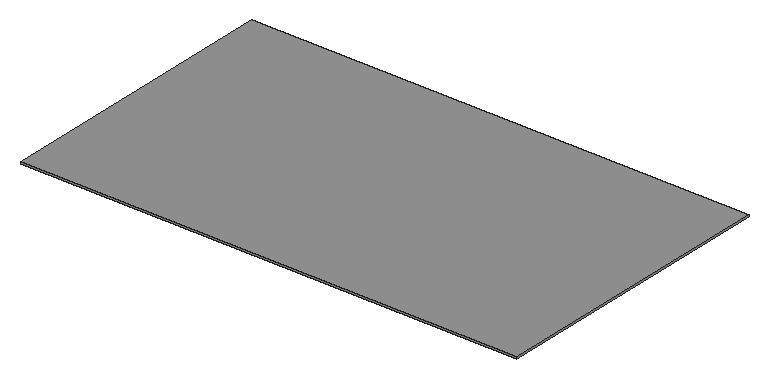
Revit family "UNB_Specchio_Multiproduct_BIM_IT_T3364;T3365;T3366;T3367;T3368;T3369;T3371_NEW", category Plumbing Fixtures, host Face, Revit 2017
Family settings
  Host = Face
  Round Connector Dimension = Use Diameter
  Part Type = Normal
  Cut with Voids When Loaded = No
  Shared = No
  Room Calculation Point = No
Parameters (values of type "T3371 - 1200 x 700 mirror")
  VersioneClassificazioneUni2015 = "IfcFurnitureType"
  Versione = "1"
  ValoreDellaSuperficie = "n/a"
  UnitàVolume = "litro"
  UnitàSuperficie = "millimetro"
  UnitàMonetaria = "€"
  UnitàLineare = "millimetro"
  UnitàDurataGaranzia = "anno"
  UnitàDurata = "anno"
  URL = "http://www.idealstandard.it"
  TipologiaVaso = "Altro"
  TipoEspotazioneIfc = "IfcFurnitureType"
  TipoDiDato = "Fisso"
  Telefono = "800 652 290"
  Spazio = "interno"
  Sostenibilità = "n/a"
  RiferimentoClassificazioneUni2015 = "MIRRORS"
  Riferimento = "T3371"
  Revisione = "1"
  ProfonditàNominale = 20 mm
  Produttore = "info@idealstandard.it"
  PesoNetto = "8.00 Kg"
  PesoLordo = "n/a"
  PartiDiRicambio = "http://www.idealstandard.it"
  NumeroDiModello = "T3371BH"
  NomeOggettoBim = "ISI_IdealStandard_Specchio_T3371"
  Nome = "ISI_IdealStandard_Specchio_T3371"
  ModelloDiRiferimento = "SPECCHIO ECO 120X70 NO FRAME"
  Model = "T3371BH"
  Materiale = "bicchiere"
  Manufacturer = "info@idealstandard.it"
  LunghezzaNominale = 20 mm
  LarghezzaNominale = 1200 mm
  InstruzioniInstallazione = "http://www.idealstandard.it"
  InformazioniGaranzia = "info@idealstandard.it"
  InformazioniDiProdotto = "http://www.idealstandard.it"
  InformaziniGaranzia = "info@idealstandard.it"
  IfcEsportaCome = "BATHROOM FURNITURE"
  Grado = "n/a"
  GaranziaInstallazione = "n/a"
  Garanzia = "garanzia del produttore"
  Forma = "rettangolare"
  Finitura = "specchio"
  DurataGaranziaProdotti = "n/a"
  DurataGaranziaLegale = "n/a"
  DurataGaranzia = "n/a"
  DistribuitoDa = "n/a"
  Dimensione = ""
  DescrizioneClassifcazioneUni2015 = "Bathroom furniture"
  Description = "SPECCHIO ECO 120X70 NO FRAME"
  Default Elevation = 1500 mm
  Creato = "Ideal Standard"
  CostoDiSostituzione = 0
  Cost = 0
  Connessione = "piombatura"
  Componenti = "n/a"
  Colore = "specchio"
  CodiceRiferimento = "n/a"
  CodiceDiPrestazione = "EN"
  CodiceArticolo = "n/a"
  CodiceABarre = "8014140447627"
  CicloDiVitaDelProdotto = "n/a"
  Caratteristiche = "SPECCHIO ECO 120X70 NO FRAME"
  Brand = "Ideal Standard"
  Autore = "Ideal Standard"
  AltezzaNominale = 700 mm
  Aiuto = "info@idealstandard.it"
  Accessori = "http://www.idealstandard.it"
  Accesso = "n/a"
  1200mmUnitOnly = yes
Types (7, lengths in mm): name | Riferimento | PesoNetto | NumeroDiModello | NomeOggettoBim | Nome | ModelloDiRiferimento | Model | LarghezzaNominale | Description | CodiceABarre | Caratteristiche
  T3364 - 400 x 700 mirror | "T3364" | "4.06 Kg" | "T3364BH" | "ISI_IdealStandard_Specchio_T3364" | "ISI_IdealStandard_Specchio_T3364" | "SPECCHIO ECO 40X70 NO FRAME" | "T3364BH" | 400 | "SPECCHIO ECO 40X70 NO FRAME" | "8014140447566" | "SPECCHIO ECO 40X70 NO FRAME"
  T3365 - 500 x 700 mirror | "T3365" | "6.50 Kg" | "T3365BH" | "ISI_IdealStandard_Specchio_T3365" | "ISI_IdealStandard_Specchio_T3365" | "SPECCHIO ECO 50X70 NO FRAME" | "T3365BH" | 500 | "SPECCHIO ECO 50X70 NO FRAME" | "8014140447573" | "SPECCHIO ECO 50X70 NO FRAME"
  T3366 - 600 x 700 mirror | "T3366" | "6.50 Kg" | "T3366BH" | "ISI_IdealStandard_Specchio_T3366" | "ISI_IdealStandard_Specchio_T3366" | "SPECCHIO ECO 60X70 NO FRAME" | "T3366BH" | 600 | "SPECCHIO ECO 60X70 NO FRAME" | "8014140447580" | "SPECCHIO ECO 60X70 NO FRAME"
  T3367 - 700 x 700 mirror | "T3367" | "7.00 Kg" | "T3367BH" | "ISI_IdealStandard_Specchio_T3367" | "ISI_IdealStandard_Specchio_T3367" | "SPECCHIO ECO 70X70 NO FRAME" | "T3367BH" | 700 | "SPECCHIO ECO 70X70 NO FRAME" | "8014140447597" | "SPECCHIO ECO 70X70 NO FRAME"
  T3368 - 800 x 700 mirror | "T3368" | "7.00 Kg" | "T3368BH" | "ISI_IdealStandard_Specchio_T3368" | "ISI_IdealStandard_Specchio_T3368" | "SPECCHIO ECO 80X70 NO FRAME" | "T3368BH" | 800 | "SPECCHIO ECO 80X70 NO FRAME" | "8014140447603" | "SPECCHIO ECO 80X70 NO FRAME"
  T3369 - 1000 x 700 mirror | "T3369" | "7.50 Kg" | "T3369BH" | "ISI_IdealStandard_Specchio_T3369" | "ISI_IdealStandard_Specchio_T3369" | "SPECCHIO ECO 100X70 NO FRAME" | "T3369BH" | 1000 | "SPECCHIO ECO 100X70 NO FRAME" | "8014140447610" | "SPECCHIO ECO 100X70 NO FRAME"
  T3371 - 1200 x 700 mirror | "T3371" | "8.00 Kg" | "T3371BH" | "ISI_IdealStandard_Specchio_T3371" | "ISI_IdealStandard_Specchio_T3371" | "SPECCHIO ECO 120X70 NO FRAME" | "T3371BH" | 1200 | "SPECCHIO ECO 120X70 NO FRAME" | "8014140447627" | "SPECCHIO ECO 120X70 NO FRAME"
Reference planes
  plane 1 "Center (Front/Back)": y = 0
  plane 2: z = 0
  plane 3 "Center (Left/Right)": x = 0
  plane 4: x = -600
  plane 5: x = 600
  plane 6: y = 350
  plane 7: y = -350
  plane 8: y = 330
  plane 9: y = -330
  plane 10: x = -580
  plane 11: x = 580
  plane 12: x = -540
  plane 13: x = 540
  plane 14: y = 270
  plane 15: x = -20
  plane 16: x = 20
  plane 17: z = 16
  plane 18: z = 20
Forms (mm)
  Extrusion 1, solid, material "Default"
    sketch origin (0, 20.991, -18) x (0, 1, 0) y (-1, 0, 0)
      loop
        line (309.009, 580) -> (249.009, 580) -> (249.009, 540) -> (309.009, 540) -> (309.009, 580)
      loop
        line (309.009, -540) -> (249.009, -540) -> (249.009, -580) -> (309.009, -580) -> (309.009, -540)
    from 18 to 34
  Extrusion 2, solid, material "ISI_IdealStandard_Mirror_MirrorGlazing_Render"
    sketch origin (-1524, -4572, 16) x (-1, 0, 0) y (0, -1, 0)
      loop
        line (-924, -4922) -> (-924, -4222) -> (-2124, -4222) -> (-2124, -4922) -> (-924, -4922)
    from 0 to 4
  Extrusion 3, solid, visible <- "1200mmUnitOnly"
    sketch origin (-1524, -4572, 16) x (-1, 0, 0) y (0, -1, 0)
      loop
        line (-1504, -4902) -> (-1504, -4842) -> (-1544, -4842) -> (-1544, -4902) -> (-1504, -4902)
    from -16 to 0
Dimensions and locks
  equal spacing: plane 4, plane 3 "Center (Left/Right)", plane 5
  "LarghezzaNominale": plane 4 to plane 5
  equal spacing: plane 6, plane 1 "Center (Front/Back)", plane 7
  "AltezzaNominale": plane 6 to plane 7
  locked: plane 4 to plane 10 at 20
  locked: plane 11 to plane 5 at 20
  locked: plane 6 to plane 8 at 20
  locked: plane 9 to plane 7 at 20
  locked: plane 10 to plane 12 at 40
  locked: plane 13 to plane 11 at 40
  locked: plane 8 to plane 14 at 60
  locked: plane 15 to plane 16 at 40
  equal spacing: plane 15, plane 3 "Center (Left/Right)", plane 16
  locked: plane 18 to plane 17 at 4
  "ProfonditàNominale": plane 18 to plane 2
  aligned and locked: plane 2 to host face
  aligned and locked: level to host face
  aligned and locked: Extrusion 1 sketch curve to plane 8
  aligned and locked: plane 10 to Extrusion 1 sketch curve
  aligned and locked: Extrusion 2 sketch curve to plane 6
  aligned and locked: plane 4 to Extrusion 2 sketch curve
  aligned and locked: plane 7 to Extrusion 2 sketch curve
  aligned and locked: Extrusion 2 sketch curve to plane 5
  aligned and locked: plane 12 to Extrusion 1
  aligned and locked: Extrusion 1 to plane 14
  aligned and locked: Extrusion 1 sketch curve to plane 13
  aligned and locked: plane 14 to Extrusion 1 sketch curve
  aligned and locked: Extrusion 1 sketch curve to plane 11
  aligned and locked: Extrusion 3 sketch curve to plane 8
  aligned and locked: plane 15 to Extrusion 3 sketch curve
  aligned and locked: plane 14 to Extrusion 3 sketch curve
  aligned and locked: plane 16 to Extrusion 3 sketch curve
  aligned and locked: plane 17 to Extrusion 2
  aligned and locked: plane 18 to Extrusion 2
Automatic sketch dimensions
  host sketch curve to host sketch curve = 2438.4 mm  (x2)
  Extrusion 1 sketch curve to plane 14 = 0 mm
  Extrusion 1 sketch curve to plane 8 = 0 mm
  Extrusion 1 sketch curve to plane 12 = 0 mm
